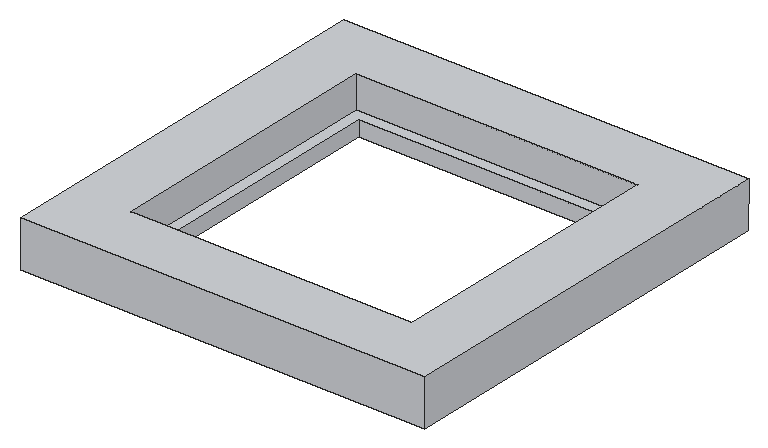
Revit family "Gira_021122", category Electrical Fixtures, host Face, Revit 2017
Family settings
  Host = Face
  Maintain Annotation Orientation = No
  Round Connector Dimension = Use Diameter
  Part Type = Normal
  Cut with Voids When Loaded = No
  Shared = No
  Room Calculation Point = No
Parameters (values of type "Abdeckrahmen 1f Gira E2 Reinweiß m")
  Werkstoffgüte = "Thermoplast"
  Werkstoff = "Kunststoff"
  URL = "http://katalog.gira.de/de_DE/datenblatt.html?artikelnr=021122"
  Transparent = "No"
  Textfeld/Beschriftungsfläche = "No"
  Schutzart (IP) = "IP20"
  Region = "DE"
  RAL-Nummer (ähnlich) = "9010 "
  Oberfläche = "sonstige"
  Name = "Abdeckrahmen 1f Gira E2 Reinweiß m"
  Montagerichtung = "horizontal und vertikal"
  Mit Montagerahmen = "No"
  Mit Klappdeckel = "No"
  Manufacturer URL = "https://www.gira.de/"
  Keynote = "E2_Rahmen_1fach"
  HeinzeBIM = "https://bimportal.heinze.de/bim/abdeckrahmen-1f-gira-e2-reinweiss-m/d1deba371b4ca1dafcfc153078747804f98dff02"
  Halogenfrei = "Yes"
  HAN = "021122"
  Geeignet für Unterputz-Installation = "Yes"
  Geeignet für Unterflurkanaldose = "No"
  Geeignet für Geräteeinbaukanal = "No"
  Geeignet für Einbauinstallation = "No"
  GTIN = "4010337211228"
  Farbe = "weiß"
  Default Elevation = 1219.2 mm
  Data sheet (1) = "https://katalog.gira.de/de_DE/download.html?artikelnr=021122"
  Category = "Abdeckrahmen"
  Befestigungsart = "Klemmbefestigung"
  Available = "Yes"
  Ausführung der Oberfläche = "matt"
  Anzahl der Einheiten vertikal = "1 "
  Anzahl der Einheiten horizontal = "1 "
  Anzahl der Einheiten = "1 "
Reference planes
  plane 1 "Center (Front/Back)": y = 0
  plane 2: z = 0
  plane 3 "Center (Left/Right)": x = 0
Forms (mm)
  Extrusion 1, solid, detail levels fine
    sketch origin (0, 0, 0) x (1, 0, 0) y (0, 1, 0)
      loop
        line (40.4, 40.4) -> (-40.4, 40.4) -> (-40.4, -40.4) -> (40.4, -40.4) -> (40.4, 40.4)
      loop
        line (-28.152, 28.1) -> (-28.152, -28.152) -> (28.1, -28.152) -> (28.1, 28.1) -> (-28.152, 28.1)
    from 0 to 9.3
  Extrusion 2, solid, detail levels fine
    sketch origin (0, 0, 0) x (1, 0, 0) y (0, 1, 0)
      loop
        line (-28.152, -28.152) -> (28.1, -28.152) -> (28.1, 28.1) -> (-28.152, 28.1) -> (-28.152, -28.152)
      loop
        line (25.7, -25.7) -> (25.7, 25.7) -> (-25.7, 25.7) -> (-25.7, -25.7) -> (25.7, -25.7)
    from 0 to 3
  Extrusion 3, solid, detail levels coarse+medium
    sketch origin (0, 0, 0) x (1, 0, 0) y (0, 1, 0)
      loop
        line (40.4, 40.4) -> (-40.4, 40.4) -> (-40.4, -40.4) -> (40.4, -40.4) -> (40.4, 40.4)
    from 0 to 9.3
Dimensions and locks
  aligned and locked: plane 2 to host face
  aligned and locked: level to host face
